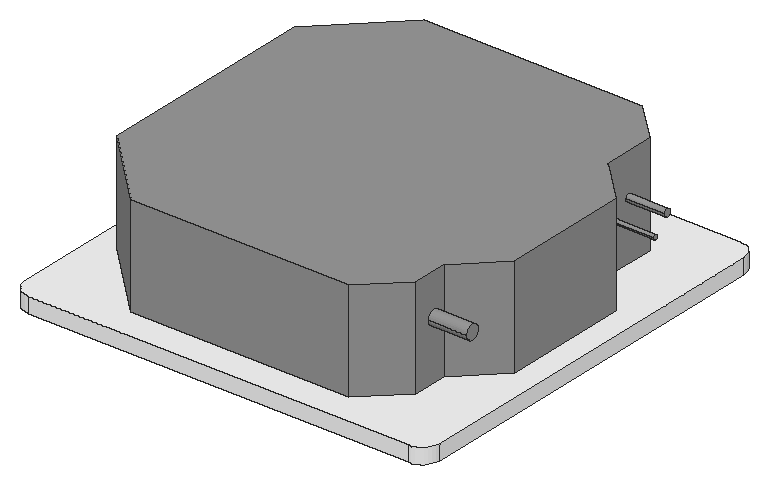
Revit family "Midea_VRF_Indoor_4-way Cassette_MI-56(71,80)Q4_DHN1-D (2nd DC)-360°", category Equipamento mecânico, Revit 2019
Family settings
  Cota do conector redondo = Utilizar diâmetro
  Tipo de parte = Normal
  Número OmniClass = 23.75.00.00
  Título OmniClass = Climate Control (HVAC)
  Com base no plano de trabalho = Não
  Sempre na vertical = Sim
  Corte com vazios quando carregada = Não
  Compartilhado = Não
  Ponto de cálculo do ambiente = Não
Parameters (values of type "4TVC0027EF000AA")
  clearance access right = 1000.000 mm
  clearance access left = 1000.000 mm
  clearance access front = 1000.000 mm
  clearance access behind = 1000.000 mm
  clearance [instance] = no
  Width = 840.000 mm
  URL = "https://www.trane.com/commercial/latin-america/br/pt.html"
  Series = "Ultra"
  Power supply = "220-240V ~50/60Hz"
  Panel color = "S1004"
  Modelo = "4TVC0027EF000AA"
  Minimum Circuit Amps = 0.76 A
  Maximum Fuse Amps = 15 A
  Fabricante = "Trane"
  Machine material = grilles：ABS/HIPS
  Liquid pipe = 9.530 mm
  Installation = "Indoor installation"
  Height = 230.000 mm
  Heating Power Input = 48 W
  Heating Capacity = 9.00 kW
  Gross Weight = 23.20 kg
  Gas pipe = 15.900 mm
  Gas = "R410a"
  Drain pipe = 32.000 mm
  Descrição = "High efficiency air cooled"
  Depth = 840.000 mm
  Cooling Power Input = 48 W
  Cooling Capacity = 8.00 kW
  Condensation = "air"
  Air Flow = "1264/1195/1117/1055/975/893/811 m3/h"
Types (4, lengths in mm): name | Width | Modelo | Minimum Circuit Amps | Heating Power Input | Heating Capacity | Cooling Power Input | Cooling Capacity | Air Flow
  (no name) | 840.000 | "4TVC0027EF000AA" | 0.76 A | 48 W | 9.00 kW | 48 W | 8.00 kW | "1264/1195/1117/1055/975/893/811 m3/h"
  4TVC0018EF000AA | 904.000 | "4TVC0018EF000AA" | 0.56 A | 31 W | 6.30 kW | 31 W | 5.60 kW | "1029/957/899/857/801/756/704 m3/h"
  4TVC0024EF000AA | 840.000 | "4TVC0024EF000AA" | 0.56 A | 46 W | 8.00 kW | 46 W | 7.10 kW | "1200/1132/1065/996/920/866/748 m3/h"
  4TVC0027EF000AA | 840.000 | "4TVC0027EF000AA" | 0.76 A | 48 W | 9.00 kW | 48 W | 8.00 kW | "1264/1195/1117/1055/975/893/811 m3/h"
Reference planes
  plane 1 "中心(前/后)": y = 0
  plane 2: z = 0
  plane 3 "中心(左/右)": x = 0
  plane 4: z = -102.103
  plane 5 "floor": z = 2546.088
Forms (mm)
  Extrusion 1, solid, material "grilles：ABS/HIPS" <- "Machine material", detail levels medium+fine
    sketch origin (0, 0, 64.412) x (-1, 0, 0) y (0, 1, 0)
      loop
        line (-250, 420) -> (-335, 335) -> (-335, 215) -> (-425, 125) -> (-425, -165) -> (-335, -255) -> (-335, -335) -> (-250, -420) -> (250, -420) -> (415, -255) -> (415, 255) -> (250, 420) -> (-250, 420)
    from -211.588 to 18.412
  Extrusion 2, solid, material "grilles：ABS/HIPS" <- "Machine material", detail levels fine
    sketch origin (0, 519.376, 250) x (0, 1, 0) y (0, 0, 1)
      loop
        circle (-279.968, -103.155) r 4.765
    from 335 to 425
  Extrusion 3, solid, material "grilles：ABS/HIPS" <- "Machine material", detail levels fine
    sketch origin (335, -225, 64.412) x (0, -1, 0) y (0, 0, -1)
      loop
        circle (60, -117.897) r 16
    from 0 to 90
  Extrusion 4, solid, material "grilles：ABS/HIPS" <- "Machine material", detail levels fine
    sketch origin (335, 925, 64.412) x (0, -1, 0) y (0, 0, -1)
      loop
        circle (651.789, -117.897) r 7.95
    from 0 to 90
Lines and regions (mm)
  model lines
    curve 1: line (425, -165, 46) -> (425, 125, 46)
    curve 2: line (425, 125, 46) -> (335, 215, 46)
    curve 3: line (335, 215, 46) -> (335, 335, 46)
    curve 4: line (335, 335, 46) -> (250, 420, 46)
    curve 5: line (250, 420, 46) -> (-250, 420, 46)
    curve 6: line (-250, 420, 46) -> (-415, 255, 46)
    curve 7: line (-415, 255, 46) -> (-415, -255, 46)
    curve 8: line (-415, -255, 46) -> (-250, -420, 46)
    curve 9: line (-250, -420, 46) -> (250, -420, 46)
    curve 10: line (250, -420, 46) -> (335, -335, 46)
    curve 11: line (335, -335, 46) -> (335, -255, 46)
    curve 12: line (335, -255, 46) -> (425, -165, 46)
    curve 13: line (425, -165, 276) -> (425, -165, 46)
    curve 14: line (425, 125, 276) -> (425, 125, 46)
    curve 15: line (335, 215, 276) -> (335, 215, 46)
    curve 16: line (335, 335, 276) -> (335, 335, 46)
    curve 17: line (-250, 420, 276) -> (-250, 420, 46)
    curve 18: line (-415, 255, 276) -> (-415, 255, 46)
    curve 19: line (-415, -255, 276) -> (-415, -255, 46)
    curve 20: line (-250, -420, 276) -> (-250, -420, 46)
    curve 21: line (250, -420, 276) -> (250, -420, 46)
    curve 22: line (425, 125, 276) -> (425, -165, 276)
    curve 23: line (425, -165, 276) -> (335, -255, 276)
    curve 24: line (335, -255, 276) -> (335, -335, 276)
    curve 25: line (335, -335, 276) -> (250, -420, 276)
    curve 26: line (250, -420, 276) -> (-250, -420, 276)
    curve 27: line (-250, -420, 276) -> (-415, -255, 276)
    curve 28: line (-415, -255, 276) -> (-415, 255, 276)
    curve 29: line (-415, 255, 276) -> (-250, 420, 276)
    curve 30: line (-250, 420, 276) -> (250, 420, 276)
    curve 31: line (250, 420, 276) -> (335, 335, 276)
    curve 32: line (335, 335, 276) -> (335, 215, 276)
    curve 33: line (335, 215, 276) -> (425, 125, 276)
    curve 34: line (335, -335, 276) -> (335, -335, 46)
    curve 35: line (250, 420, 276) -> (250, 420, 46)
    curve 36: line (335, -255, 276) -> (335, -255, 46)
Dimensions and locks
  "Depth": Extrusion 1 to Extrusion 1
  "Width": Extrusion 1 to Extrusion 1
  "Height": Extrusion 1 to Extrusion 1
  "Liquid pipe": diameter of Extrusion 2
  "Gas pipe": diameter of Extrusion 4
  aligned and locked: level to plane 2
Automatic sketch dimensions
  plane 1 "中心(前/后)" to Extrusion 1 sketch curve = 165.000 mm
  plane 3 "中心(左/右)" to Extrusion 1 sketch curve = 425.000 mm
  Extrusion 1 sketch curve to plane 3 "中心(左/右)" = 250.000 mm  (x2)
  Extrusion 1 sketch curve to plane 1 "中心(前/后)" = 420.000 mm
  Extrusion 1 sketch curve to Extrusion 1 sketch curve = 90.000 mm  (x3)
  Extrusion 1 sketch curve to Extrusion 1 sketch curve = 85.000 mm  (x3)
  Extrusion 1 sketch curve to Extrusion 1 sketch curve = 165.000 mm  (x2)
  Extrusion 1 sketch curve to plane 1 "中心(前/后)" = 255.000 mm
  Extrusion 1 sketch curve to Extrusion 1 sketch curve = 120.000 mm
  Extrusion 1 sketch curve to plane 1 "中心(前/后)" = 125.000 mm
  plane 1 "中心(前/后)" to Extrusion 1 sketch curve = 255.000 mm
  Extrusion 1 sketch curve to Extrusion 1 sketch curve = 80.000 mm
  Extrusion 2 sketch curve to plane 1 "中心(前/后)" = 239.408 mm
  level to Extrusion 2 sketch curve = 146.845 mm
  Extrusion 1 to Extrusion 3 sketch curve = 93.691 mm
  Extrusion 1 to Extrusion 3 sketch curve = 500.000 mm
  Extrusion 4 sketch curve to Extrusion 1 = 58.211 mm
  Extrusion 1 to Extrusion 4 sketch curve = 93.691 mm
  curve 1 to Extrusion 1 = 0.000 mm  (x2)
  curve 3 to Extrusion 1 = 0.000 mm
  curve 11 to Extrusion 1 = 0.000 mm
  curve 10 to Extrusion 1 = 0.000 mm  (x3)
  Extrusion 1 to curve 5 = 0.000 mm
  curve 5 to Extrusion 1 = 0.000 mm
  Extrusion 1 to curve 6 = 0.000 mm
  curve 8 to Extrusion 1 = 0.000 mm  (x2)
  curve 6 to Extrusion 1 = 0.000 mm
  Extrusion 1 to curve 3 = 0.000 mm
  curve 7 to Extrusion 1 = 0.000 mm
  curve 2 to Extrusion 1 = 0.000 mm
  Extrusion 1 to curve 1 = 0.000 mm
  curve 12 to Extrusion 1 = 0.000 mm
  curve 13 to Extrusion 1 = 0.000 mm  (x3)
  curve 14 to Extrusion 1 = 0.000 mm  (x2)
  Extrusion 1 to curve 14 = 0.000 mm
  curve 16 to Extrusion 1 = 0.000 mm  (x2)
  curve 15 to Extrusion 1 = 0.000 mm  (x3)
  Extrusion 1 to curve 16 = 0.000 mm
  curve 35 to Extrusion 1 = 0.000 mm  (x3)
  curve 17 to Extrusion 1 = 0.000 mm  (x3)
  curve 19 to Extrusion 1 = 0.000 mm  (x2)
  curve 18 to Extrusion 1 = 0.000 mm  (x3)
  Extrusion 1 to curve 19 = 0.000 mm
  curve 21 to Extrusion 1 = 0.000 mm  (x3)
  curve 20 to Extrusion 1 = 0.000 mm  (x2)
  Extrusion 1 to curve 20 = 0.000 mm
  curve 22 to Extrusion 1 = 0.000 mm  (x2)
  curve 24 to Extrusion 1 = 0.000 mm
  curve 32 to Extrusion 1 = 0.000 mm
  Extrusion 1 to curve 26 = 0.000 mm  (x2)
  curve 26 to Extrusion 1 = 0.000 mm
  curve 31 to Extrusion 1 = 0.000 mm  (x3)
  curve 29 to Extrusion 1 = 0.000 mm
  curve 27 to Extrusion 1 = 0.000 mm  (x2)
  curve 28 to Extrusion 1 = 0.000 mm
  curve 33 to Extrusion 1 = 0.000 mm
  Extrusion 1 to curve 22 = 0.000 mm
  curve 23 to Extrusion 1 = 0.000 mm
  Extrusion 1 to curve 24 = 0.000 mm
  curve 34 to Extrusion 1 = 0.000 mm  (x3)
  curve 36 to Extrusion 1 = 0.000 mm  (x2)
  Extrusion 1 to curve 36 = 0.000 mm
  radius of Extrusion 2 sketch curve = 4.765 mm
  radius of Extrusion 3 sketch curve = 16.000 mm
  radius of Extrusion 4 sketch curve = 7.950 mm
Nested families
  nested 1: "360lengbamianban-950" at (-5, 0, 0), type "360lengbamianban-950", detail levels medium+fine
Connectors
  piping at (425, -285, 182.309), diameter 32
    settings: on Extrusion 3, index 5, connector inside diameter 32 mm, connector length 0.000 mm, flow factor 0, pipe flow 0.0 m³/h, pressure drop 0.0 Pa, fitting loss kfactor 0, connector angle 0.00°, fixture units 0, engagement length 0.000 mm, angle of deflection 0.00°, flow configuration 1, flow direction 2, fitting loss method 0, system type 29, joint type 0, gender type 0, connector reference index -1, connector utility 0, adjustable connector no, is connector primary yes, connector description "Drain pipe OD Φ 32mm"
  piping at (425, 273.211, 182.309), diameter 15.9
    settings: on Extrusion 4, index 6, connector inside diameter 15.9 mm, connector length 0.000 mm, flow factor 0, pipe flow 0.0 m³/h, pressure drop 0.0 Pa, fitting loss kfactor 0, connector angle 0.00°, fixture units 0, engagement length 0.000 mm, angle of deflection 0.00°, flow configuration 1, flow direction 0, fitting loss method 4, system type 22, joint type 0, gender type 0, connector reference index -1, connector utility 0, adjustable connector no, is connector primary no, connector description "Gas pipe Φ15.9mm"
  piping at (425, 239.408, 146.845), diameter 9.53
    settings: on Extrusion 2, index 7, connector inside diameter 9.53 mm, connector length 0.000 mm, flow factor 0, pipe flow 0.0 m³/h, pressure drop 0.0 Pa, fitting loss kfactor 0, connector angle 0.00°, fixture units 0, engagement length 0.000 mm, angle of deflection 0.00°, flow configuration 1, flow direction 0, fitting loss method 4, system type 22, joint type 0, gender type 0, connector reference index -1, connector utility 0, adjustable connector no, is connector primary no, connector description "Liquid pipe Φ9.53mm"
  electrical at (0, 420, 161)
    settings: on Extrusion 1, index 8, voltage 220 V, apparent load 0 VA, apparent load phase1 0 VA, apparent load phase2 0 VA, apparent load phase3 0 VA, power factor 1, load classification "Power", number of poles 1, system type 30, power factor state 1, is connector primary yes, connector utility no, sub classification motor no, connector description "The location of electrical connectors is not the same as the actual location because the wiring terminal is inside the unit."
Definition of nested family "360lengbamianban-950"
  Parameters
    Series = ""
    Machine material = none
    Installation = ""
    Gas = ""
    Condensation = ""
  Reference planes
    plane 1 "Center (Front/Back)": y = 0
    plane 2: z = 0
    plane 3 "Center (Left/Right)": x = 0
    plane 4: y = 475
    plane 5: y = -475
    plane 6: x = -475
    plane 7: x = 475
    plane 8: through (323.5, 323.5, 1219.2) normal (0.7071, -0.7071, 0)
    plane 9: through (-323.5, 323.5, 1219.2) normal (0.7071, 0.7071, 0)
    plane 10: y = 300
    plane 11: x = 300
    plane 12: x = -300
    plane 13: y = -300
    plane 14: z = -15
    plane 15: z = 35
    plane 16: y = -330
    plane 17: y = 330
    plane 18: x = 330
    plane 19: x = -330
  Forms (mm)
    Extrusion 1, solid, material <- "Machine material"
      sketch origin (0, 0, 0) x (1, 0, 0) y (0, 1, 0)
        loop
          arc (-435, 475) -> (-463.284, 463.284) -> (-475, 435) r 40
          line (-475, 435) -> (-475, -435)
          arc (-475, -435) -> (-463.284, -463.284) -> (-435, -475) r 40
          line (-435, -475) -> (435, -475)
          arc (435, -475) -> (463.284, -463.284) -> (475, -435) r 40
          line (475, -435) -> (475, 435)
          arc (475, 435) -> (463.284, 463.284) -> (435, 475) r 40
          line (435, 475) -> (-435, 475)
      from 0 to 35
    Extrusion 2, void
      sketch origin (0, 0, 0) x (1, 0, 0) y (0, 1, 0)
        loop
          arc (-130, 250) -> (-214.853, 214.853) -> (-250, 130) r 120
          line (-250, 130) -> (-250, -130)
          arc (-250, -130) -> (-214.853, -214.853) -> (-130, -250) r 120
          line (-130, -250) -> (130, -250)
          arc (130, -250) -> (214.853, -214.853) -> (250, -130) r 120
          line (250, -130) -> (250, 130)
          arc (250, 130) -> (214.853, 214.853) -> (130, 250) r 120
          line (130, 250) -> (-130, 250)
      from 0 to 35
    Extrusion 3, solid
      sketch origin (0, 0, 0) x (1, 0, 0) y (0, 1, 0)
        loop
          line (-256.77, -244.014) -> (-256.77, -247.014) -> (256.177, -247.014) -> (256.177, -244.014) -> (-256.77, -244.014)
        loop
          line (-256.77, -239.014) -> (-256.77, -242.014) -> (256.177, -242.014) -> (256.177, -239.014) -> (-256.77, -239.014)
        loop
          line (-256.77, -234.014) -> (-256.77, -237.014) -> (256.177, -237.014) -> (256.177, -234.014) -> (-256.77, -234.014)
        loop
          line (-256.77, -229.014) -> (-256.77, -232.014) -> (256.177, -232.014) -> (256.177, -229.014) -> (-256.77, -229.014)
        loop
          line (-256.77, -224.014) -> (-256.77, -227.014) -> (256.177, -227.014) -> (256.177, -224.014) -> (-256.77, -224.014)
        loop
          line (-256.77, -219.014) -> (-256.77, -222.014) -> (256.177, -222.014) -> (256.177, -219.014) -> (-256.77, -219.014)
        loop
          line (-256.77, -214.014) -> (-256.77, -217.014) -> (256.177, -217.014) -> (256.177, -214.014) -> (-256.77, -214.014)
        loop
          line (-256.77, -209.014) -> (-256.77, -212.014) -> (256.177, -212.014) -> (256.177, -209.014) -> (-256.77, -209.014)
        loop
          line (-256.77, -204.014) -> (-256.77, -207.014) -> (256.177, -207.014) -> (256.177, -204.014) -> (-256.77, -204.014)
        loop
          line (-256.77, -199.014) -> (-256.77, -202.014) -> (256.177, -202.014) -> (256.177, -199.014) -> (-256.77, -199.014)
        loop
          line (-256.77, -194.014) -> (-256.77, -197.014) -> (256.177, -197.014) -> (256.177, -194.014) -> (-256.77, -194.014)
        loop
          line (-256.77, -189.014) -> (-256.77, -192.014) -> (256.177, -192.014) -> (256.177, -189.014) -> (-256.77, -189.014)
        loop
          line (-256.77, -184.014) -> (-256.77, -187.014) -> (256.177, -187.014) -> (256.177, -184.014) -> (-256.77, -184.014)
        loop
          line (-256.77, -179.014) -> (-256.77, -182.014) -> (256.177, -182.014) -> (256.177, -179.014) -> (-256.77, -179.014)
        loop
          line (-256.77, -174.014) -> (-256.77, -177.014) -> (256.177, -177.014) -> (256.177, -174.014) -> (-256.77, -174.014)
        loop
          line (-256.77, -169.014) -> (-256.77, -172.014) -> (256.177, -172.014) -> (256.177, -169.014) -> (-256.77, -169.014)
        loop
          line (-256.77, -164.014) -> (-256.77, -167.014) -> (256.177, -167.014) -> (256.177, -164.014) -> (-256.77, -164.014)
        loop
          line (-256.77, -159.014) -> (-256.77, -162.014) -> (256.177, -162.014) -> (256.177, -159.014) -> (-256.77, -159.014)
        loop
          line (-256.77, -154.014) -> (-256.77, -157.014) -> (256.177, -157.014) -> (256.177, -154.014) -> (-256.77, -154.014)
        loop
          line (-256.77, -149.014) -> (-256.77, -152.014) -> (256.177, -152.014) -> (256.177, -149.014) -> (-256.77, -149.014)
        loop
          line (-256.77, -144.014) -> (-256.77, -147.014) -> (256.177, -147.014) -> (256.177, -144.014) -> (-256.77, -144.014)
        loop
          line (-256.77, -139.014) -> (-256.77, -142.014) -> (256.177, -142.014) -> (256.177, -139.014) -> (-256.77, -139.014)
        loop
          line (-256.77, -134.014) -> (-256.77, -137.014) -> (256.177, -137.014) -> (256.177, -134.014) -> (-256.77, -134.014)
        loop
          line (-256.77, -129.014) -> (-256.77, -132.014) -> (256.177, -132.014) -> (256.177, -129.014) -> (-256.77, -129.014)
        loop
          line (-256.77, -124.014) -> (-256.77, -127.014) -> (256.177, -127.014) -> (256.177, -124.014) -> (-256.77, -124.014)
        loop
          line (-256.77, -119.014) -> (-256.77, -122.014) -> (256.177, -122.014) -> (256.177, -119.014) -> (-256.77, -119.014)
        loop
          line (-256.77, -114.014) -> (-256.77, -117.014) -> (256.177, -117.014) -> (256.177, -114.014) -> (-256.77, -114.014)
        loop
          line (-256.77, -109.014) -> (-256.77, -112.014) -> (256.177, -112.014) -> (256.177, -109.014) -> (-256.77, -109.014)
        loop
          line (-256.77, -104.014) -> (-256.77, -107.014) -> (256.177, -107.014) -> (256.177, -104.014) -> (-256.77, -104.014)
        loop
          line (-256.77, -99.014) -> (-256.77, -102.014) -> (256.177, -102.014) -> (256.177, -99.014) -> (-256.77, -99.014)
        loop
          line (-256.77, -94.014) -> (-256.77, -97.014) -> (256.177, -97.014) -> (256.177, -94.014) -> (-256.77, -94.014)
        loop
          line (-256.77, -89.014) -> (-256.77, -92.014) -> (256.177, -92.014) -> (256.177, -89.014) -> (-256.77, -89.014)
        loop
          line (-256.77, -84.014) -> (-256.77, -87.014) -> (256.177, -87.014) -> (256.177, -84.014) -> (-256.77, -84.014)
        loop
          line (-256.77, -79.014) -> (-256.77, -82.014) -> (256.177, -82.014) -> (256.177, -79.014) -> (-256.77, -79.014)
        loop
          line (-256.77, -74.014) -> (-256.77, -77.014) -> (256.177, -77.014) -> (256.177, -74.014) -> (-256.77, -74.014)
        loop
          line (-256.77, -69.014) -> (-256.77, -72.014) -> (256.177, -72.014) -> (256.177, -69.014) -> (-256.77, -69.014)
        loop
          line (-256.77, -64.014) -> (-256.77, -67.014) -> (256.177, -67.014) -> (256.177, -64.014) -> (-256.77, -64.014)
        loop
          line (-256.77, -59.014) -> (-256.77, -62.014) -> (256.177, -62.014) -> (256.177, -59.014) -> (-256.77, -59.014)
        loop
          line (-256.77, -54.014) -> (-256.77, -57.014) -> (256.177, -57.014) -> (256.177, -54.014) -> (-256.77, -54.014)
        loop
          line (-256.77, -49.014) -> (-256.77, -52.014) -> (256.177, -52.014) -> (256.177, -49.014) -> (-256.77, -49.014)
        loop
          line (-256.77, -44.014) -> (-256.77, -47.014) -> (256.177, -47.014) -> (256.177, -44.014) -> (-256.77, -44.014)
        loop
          line (-256.77, -39.014) -> (-256.77, -42.014) -> (256.177, -42.014) -> (256.177, -39.014) -> (-256.77, -39.014)
        loop
          line (-256.77, -34.014) -> (-256.77, -37.014) -> (256.177, -37.014) -> (256.177, -34.014) -> (-256.77, -34.014)
        loop
          line (-256.77, -29.014) -> (-256.77, -32.014) -> (256.177, -32.014) -> (256.177, -29.014) -> (-256.77, -29.014)
        loop
          line (-256.77, -24.014) -> (-256.77, -27.014) -> (256.177, -27.014) -> (256.177, -24.014) -> (-256.77, -24.014)
        loop
          line (-256.77, -19.014) -> (-256.77, -22.014) -> (256.177, -22.014) -> (256.177, -19.014) -> (-256.77, -19.014)
        loop
          line (-256.77, -14.014) -> (-256.77, -17.014) -> (256.177, -17.014) -> (256.177, -14.014) -> (-256.77, -14.014)
        loop
          line (-256.77, -9.014) -> (-256.77, -12.014) -> (256.177, -12.014) -> (256.177, -9.014) -> (-256.77, -9.014)
        loop
          line (-256.77, -4.014) -> (-256.77, -7.014) -> (256.177, -7.014) -> (256.177, -4.014) -> (-256.77, -4.014)
        loop
          line (-256.77, 0.986) -> (-256.77, -2.014) -> (256.177, -2.014) -> (256.177, 0.986) -> (-256.77, 0.986)
        loop
          line (-256.77, 5.986) -> (-256.77, 2.986) -> (256.177, 2.986) -> (256.177, 5.986) -> (-256.77, 5.986)
        loop
          line (-256.77, 10.986) -> (-256.77, 7.986) -> (256.177, 7.986) -> (256.177, 10.986) -> (-256.77, 10.986)
        loop
          line (-256.77, 15.986) -> (-256.77, 12.986) -> (256.177, 12.986) -> (256.177, 15.986) -> (-256.77, 15.986)
        loop
          line (-256.77, 20.986) -> (-256.77, 17.986) -> (256.177, 17.986) -> (256.177, 20.986) -> (-256.77, 20.986)
        loop
          line (-256.77, 25.986) -> (-256.77, 22.986) -> (256.177, 22.986) -> (256.177, 25.986) -> (-256.77, 25.986)
        loop
          line (-256.77, 30.986) -> (-256.77, 27.986) -> (256.177, 27.986) -> (256.177, 30.986) -> (-256.77, 30.986)
        loop
          line (-256.77, 35.986) -> (-256.77, 32.986) -> (256.177, 32.986) -> (256.177, 35.986) -> (-256.77, 35.986)
        loop
          line (-256.77, 40.986) -> (-256.77, 37.986) -> (256.177, 37.986) -> (256.177, 40.986) -> (-256.77, 40.986)
        loop
          line (-256.77, 45.986) -> (-256.77, 42.986) -> (256.177, 42.986) -> (256.177, 45.986) -> (-256.77, 45.986)
        loop
          line (-256.77, 50.986) -> (-256.77, 47.986) -> (256.177, 47.986) -> (256.177, 50.986) -> (-256.77, 50.986)
        loop
          line (-256.77, 55.986) -> (-256.77, 52.986) -> (256.177, 52.986) -> (256.177, 55.986) -> (-256.77, 55.986)
        loop
          line (-256.77, 60.986) -> (-256.77, 57.986) -> (256.177, 57.986) -> (256.177, 60.986) -> (-256.77, 60.986)
        loop
          line (-256.77, 65.986) -> (-256.77, 62.986) -> (256.177, 62.986) -> (256.177, 65.986) -> (-256.77, 65.986)
        loop
          line (-256.77, 70.986) -> (-256.77, 67.986) -> (256.177, 67.986) -> (256.177, 70.986) -> (-256.77, 70.986)
        loop
          line (-256.77, 75.986) -> (-256.77, 72.986) -> (256.177, 72.986) -> (256.177, 75.986) -> (-256.77, 75.986)
        loop
          line (-256.77, 80.986) -> (-256.77, 77.986) -> (256.177, 77.986) -> (256.177, 80.986) -> (-256.77, 80.986)
        loop
          line (-256.77, 85.986) -> (-256.77, 82.986) -> (256.177, 82.986) -> (256.177, 85.986) -> (-256.77, 85.986)
        loop
          line (-256.77, 90.986) -> (-256.77, 87.986) -> (256.177, 87.986) -> (256.177, 90.986) -> (-256.77, 90.986)
        loop
          line (-256.77, 95.986) -> (-256.77, 92.986) -> (256.177, 92.986) -> (256.177, 95.986) -> (-256.77, 95.986)
        loop
          line (-256.77, 100.986) -> (-256.77, 97.986) -> (256.177, 97.986) -> (256.177, 100.986) -> (-256.77, 100.986)
        loop
          line (-256.77, 105.986) -> (-256.77, 102.986) -> (256.177, 102.986) -> (256.177, 105.986) -> (-256.77, 105.986)
        loop
          line (-256.77, 110.986) -> (-256.77, 107.986) -> (256.177, 107.986) -> (256.177, 110.986) -> (-256.77, 110.986)
        loop
          line (-256.77, 115.986) -> (-256.77, 112.986) -> (256.177, 112.986) -> (256.177, 115.986) -> (-256.77, 115.986)
        loop
          line (-256.77, 120.986) -> (-256.77, 117.986) -> (256.177, 117.986) -> (256.177, 120.986) -> (-256.77, 120.986)
        loop
          line (-256.77, 125.986) -> (-256.77, 122.986) -> (256.177, 122.986) -> (256.177, 125.986) -> (-256.77, 125.986)
        loop
          line (-256.77, 130.986) -> (-256.77, 127.986) -> (256.177, 127.986) -> (256.177, 130.986) -> (-256.77, 130.986)
        loop
          line (-256.77, 135.986) -> (-256.77, 132.986) -> (256.177, 132.986) -> (256.177, 135.986) -> (-256.77, 135.986)
        loop
          line (-256.77, 140.986) -> (-256.77, 137.986) -> (256.177, 137.986) -> (256.177, 140.986) -> (-256.77, 140.986)
        loop
          line (-256.77, 145.986) -> (-256.77, 142.986) -> (256.177, 142.986) -> (256.177, 145.986) -> (-256.77, 145.986)
        loop
          line (-256.77, 150.986) -> (-256.77, 147.986) -> (256.177, 147.986) -> (256.177, 150.986) -> (-256.77, 150.986)
        loop
          line (-256.77, 155.986) -> (-256.77, 152.986) -> (256.177, 152.986) -> (256.177, 155.986) -> (-256.77, 155.986)
        loop
          line (-256.77, 160.986) -> (-256.77, 157.986) -> (256.177, 157.986) -> (256.177, 160.986) -> (-256.77, 160.986)
        loop
          line (-256.77, 165.986) -> (-256.77, 162.986) -> (256.177, 162.986) -> (256.177, 165.986) -> (-256.77, 165.986)
        loop
          line (-256.77, 170.986) -> (-256.77, 167.986) -> (256.177, 167.986) -> (256.177, 170.986) -> (-256.77, 170.986)
        loop
          line (-256.77, 175.986) -> (-256.77, 172.986) -> (256.177, 172.986) -> (256.177, 175.986) -> (-256.77, 175.986)
        loop
          line (-256.77, 180.986) -> (-256.77, 177.986) -> (256.177, 177.986) -> (256.177, 180.986) -> (-256.77, 180.986)
        loop
          line (-256.77, 185.986) -> (-256.77, 182.986) -> (256.177, 182.986) -> (256.177, 185.986) -> (-256.77, 185.986)
        loop
          line (-256.77, 190.986) -> (-256.77, 187.986) -> (256.177, 187.986) -> (256.177, 190.986) -> (-256.77, 190.986)
        loop
          line (-256.77, 195.986) -> (-256.77, 192.986) -> (256.177, 192.986) -> (256.177, 195.986) -> (-256.77, 195.986)
        loop
          line (-256.77, 200.986) -> (-256.77, 197.986) -> (256.177, 197.986) -> (256.177, 200.986) -> (-256.77, 200.986)
        loop
          line (-256.77, 205.986) -> (-256.77, 202.986) -> (256.177, 202.986) -> (256.177, 205.986) -> (-256.77, 205.986)
        loop
          line (-256.77, 210.986) -> (-256.77, 207.986) -> (256.177, 207.986) -> (256.177, 210.986) -> (-256.77, 210.986)
        loop
          line (-256.77, 215.986) -> (-256.77, 212.986) -> (256.177, 212.986) -> (256.177, 215.986) -> (-256.77, 215.986)
        loop
          line (-256.77, 220.986) -> (-256.77, 217.986) -> (256.177, 217.986) -> (256.177, 220.986) -> (-256.77, 220.986)
        loop
          line (-256.77, 225.986) -> (-256.77, 222.986) -> (256.177, 222.986) -> (256.177, 225.986) -> (-256.77, 225.986)
        loop
          line (-256.77, 230.986) -> (-256.77, 227.986) -> (256.177, 227.986) -> (256.177, 230.986) -> (-256.77, 230.986)
        loop
          line (-256.77, 235.986) -> (-256.77, 232.986) -> (256.177, 232.986) -> (256.177, 235.986) -> (-256.77, 235.986)
        loop
          line (-256.77, 240.986) -> (-256.77, 237.986) -> (256.177, 237.986) -> (256.177, 240.986) -> (-256.77, 240.986)
        loop
          line (-256.77, 245.986) -> (-256.77, 242.986) -> (256.177, 242.986) -> (256.177, 245.986) -> (-256.77, 245.986)
      from 2.83 to 4.679
    Extrusion 4, void
      sketch origin (99.1, 0, 0) x (0, 1, 0) y (-1, 0, 0)
        loop
          arc (279.071, -305.241) -> (367.65, -268.55) -> (404.341, -179.971) r 125.27
          line (404.341, -179.971) -> (404.341, 378.171)
          arc (404.341, 378.171) -> (367.65, 466.75) -> (279.071, 503.441) r 125.27
          line (279.071, 503.441) -> (-279.071, 503.441)
          arc (-279.071, 503.441) -> (-367.65, 466.75) -> (-404.341, 378.171) r 125.27
          line (-404.341, 378.171) -> (-404.341, -179.971)
          arc (-404.341, -179.971) -> (-367.65, -268.55) -> (-279.071, -305.241) r 125.27
          line (-279.071, -305.241) -> (279.071, -305.241)
        loop
          line (-174.341, -295.241) -> (174.341, -295.241)
          arc (174.341, -295.241) -> (329.905, -230.805) -> (394.341, -75.241) r 220
          line (394.341, -75.241) -> (394.341, 273.441)
          arc (394.341, 273.441) -> (329.905, 429.005) -> (174.341, 493.441) r 220
          line (174.341, 493.441) -> (-174.341, 493.441)
          arc (-174.341, 493.441) -> (-329.905, 429.005) -> (-394.341, 273.441) r 220
          line (-394.341, 273.441) -> (-394.341, -75.241)
          arc (-394.341, -75.241) -> (-329.905, -230.805) -> (-174.341, -295.241) r 220
      from 0 to 25.378
    Extrusion 5, void
      sketch origin (12.53, 0, 0) x (1, 0, 0) y (0, 1, 0)
        loop
          line (329.341, 0) -> (329.341, 100)
          arc (329.341, 100) -> (338.358, 136.132) -> (363.295, 163.791) r 76.902
          line (363.295, 163.791) -> (381.811, 124.083) -> (381.811, 137.917) -> (366.182, 171.435)
          arc (366.182, 171.435) -> (335.571, 141.393) -> (324.341, 100) r 81.902
          line (324.341, 100) -> (324.341, 0) -> (324.341, -100)
          arc (324.341, -100) -> (335.571, -141.393) -> (366.182, -171.435) r 81.902
          line (366.182, -171.435) -> (381.811, -137.917) -> (381.811, -124.083) -> (363.295, -163.791)
          arc (363.295, -163.791) -> (338.358, -136.132) -> (329.341, -100) r 76.902
          line (329.341, -100) -> (329.341, 0)
      from 0 to 4.679
    Extrusion 6, void
      sketch origin (-12.53, 0, 0) x (-1, 0, 0) y (0, -1, 0)
        loop
          line (329.341, 0) -> (329.341, 100)
          arc (329.341, 100) -> (338.358, 136.132) -> (363.295, 163.791) r 76.902
          line (363.295, 163.791) -> (381.811, 124.083) -> (381.811, 137.917) -> (366.182, 171.435)
          arc (366.182, 171.435) -> (335.571, 141.393) -> (324.341, 100) r 81.902
          line (324.341, 100) -> (324.341, 0) -> (324.341, -100)
          arc (324.341, -100) -> (335.571, -141.393) -> (366.182, -171.435) r 81.902
          line (366.182, -171.435) -> (381.811, -137.917) -> (381.811, -124.083) -> (363.295, -163.791)
          arc (363.295, -163.791) -> (338.358, -136.132) -> (329.341, -100) r 76.902
          line (329.341, -100) -> (329.341, 0)
      from 0 to 4.679
    Extrusion 7, void
      sketch origin (0, 12.53, 0) x (0, 1, 0) y (-1, 0, 0)
        loop
          line (329.341, 0) -> (329.341, 100)
          arc (329.341, 100) -> (338.358, 136.132) -> (363.295, 163.791) r 76.902
          line (363.295, 163.791) -> (381.811, 124.083) -> (381.811, 137.917) -> (366.182, 171.435)
          arc (366.182, 171.435) -> (335.571, 141.393) -> (324.341, 100) r 81.902
          line (324.341, 100) -> (324.341, 0) -> (324.341, -100)
          arc (324.341, -100) -> (335.571, -141.393) -> (366.182, -171.435) r 81.902
          line (366.182, -171.435) -> (381.811, -137.917) -> (381.811, -124.083) -> (363.295, -163.791)
          arc (363.295, -163.791) -> (338.358, -136.132) -> (329.341, -100) r 76.902
          line (329.341, -100) -> (329.341, 0)
      from 0 to 4.679
    Extrusion 8, void
      sketch origin (0, -12.53, 0) x (0, -1, 0) y (1, 0, 0)
        loop
          line (329.341, 0) -> (329.341, 100)
          arc (329.341, 100) -> (338.358, 136.132) -> (363.295, 163.791) r 76.902
          line (363.295, 163.791) -> (381.811, 124.083) -> (381.811, 137.917) -> (366.182, 171.435)
          arc (366.182, 171.435) -> (335.571, 141.393) -> (324.341, 100) r 81.902
          line (324.341, 100) -> (324.341, 0) -> (324.341, -100)
          arc (324.341, -100) -> (335.571, -141.393) -> (366.182, -171.435) r 81.902
          line (366.182, -171.435) -> (381.811, -137.917) -> (381.811, -124.083) -> (363.295, -163.791)
          arc (363.295, -163.791) -> (338.358, -136.132) -> (329.341, -100) r 76.902
          line (329.341, -100) -> (329.341, 0)
      from 0 to 4.679
    Extrusion 9, solid, material <- "Machine material"
      sketch origin (0, 0, 0) x (1, 0, 0) y (0, 1, 0)
        loop
          circle (410.861, 412.599) r 25
      from -3 to 0
  Cuts and joins
    Extrusion 2, Extrusion 4, Extrusion 5, Extrusion 6, Extrusion 7, Extrusion 8 cuts Extrusion 1
  Dimensions and locks
    aligned and locked: level to plane 2
